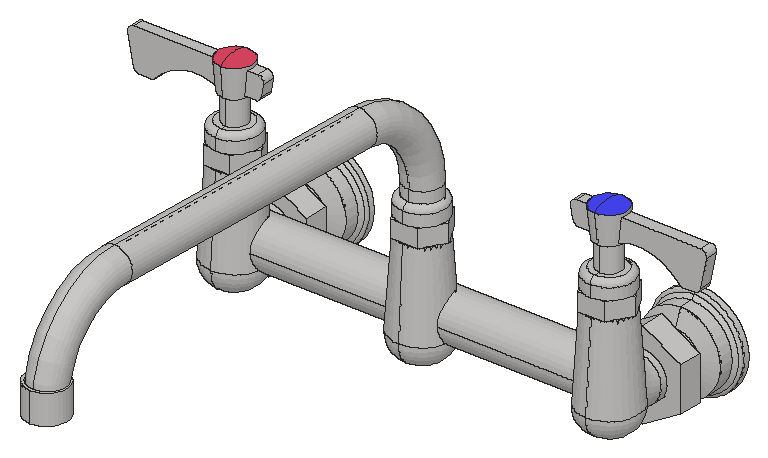
Revit family "Krowne_14-810L_WallMount_Faucet", category Plumbing Fixtures, Revit 2018
Family settings
  Round Connector Dimension = Use Diameter
  Part Type = Normal
  OmniClass Number = 23.40.40.00
  OmniClass Title = Food Service Equipment and Furnishings
  Work Plane-Based = No
  Always vertical = Yes
  Cut with Voids When Loaded = No
  Shared = No
  Room Calculation Point = No
Parameters (values of type "DefaultType")
  Width = 12"
  Weight in Pounds = 5
  Watermarked By = ""
  Waste Water Discharge Temperature [instance] = -459.67 °F
  URL Cutsheet = ""
  URL = "https://krowne.com/"
  Status [instance] = ""
  Specification by User [instance] = ""
  Specification by Manufacturer [instance] = ""
  Serial Number [instance] = ""
  Revision Code [instance] = ""
  Plumbing Remarks [instance] = ""
  Plumbing Connection Type = ""
  NAFEM Spec ID Number [instance] = ""
  Model = "14-810L"
  Masterspec [instance] = ""
  Manufacturer = "Krowne Metal"
  KCLRef = "KCL2C9,,0004c579-0000-0000-0000-000000000307,KR,14-810L ,637099801460000000,0eeb4e4a-aac5-442f-9e25-2cd95dc6bcfe,5f81729c-f818-446e-8261-977e1babccfc"
  KCL SpecSheet URL = "http://kclweb.kclcad.com/imagehandler.ashx?kdoc=14-8xx&R=KR&M=14-810L%20&VC=7&TID=KCLWeb&T=doc"
  Item Number [instance] = "-"
  Installed By [instance] = ""
  Hot Water Temperature = 100 °F
  Hot Water Size = 1/2"
  Hot Water RI Height [instance] = 0"
  Hot Water Minimum Pressure = 0.00 psi
  Hot Water Maximum Pressure = 0.00 psi
  Hot Water Flow = 1.8 GPM
  Hot Water Consumption = 0 GPM
  Hot Water Connection Height = 0"
  Height = 3 15/16"
  Furnished By [instance] = ""
  Foodservice Equipment Identifier = yes
  Description = "Wall Mount Faucet"
  Depth = 1 7/8"
  Cold Water Temperature Recommended = -459.67 °F
  Cold Water Size = 1/2"
  Cold Water RI Height [instance] = 0"
  Cold Water Minimum Pressure = 0.00 psi
  Cold Water Maximum Pressure = 0.00 psi
  Cold Water Flow = 1.8 GPM
  Cold Water Consumption = ""
  Cold Water Connection Height = 0"
  CSI MasterFormat = ""
  Assembly Code = "E1090300"
Reference planes
  plane 1 "BACK": y = 0
  plane 2: z = 0
  plane 3 "LEFT": x = -471.569
  plane 4 "RIGHT": x = -166.769
  plane 5 "TOP": z = 100.013
  plane 6 "CENTER L/R": x = -319.169
  plane 7 "Top of Body": z = 44.45
  plane 8: y = -62.38
  plane 9: z = 166.688
  plane 10: z = 104.775
  plane 11: y = -317.5
Forms (mm)
  Sweep 1, solid, material "QF_Stainless-Polished"
    path origin (-319.169, 0, 0) x (0, 1, 0) y (0, 0, 1)
      loop
        line (-62.38, 44.45) -> (-62.38, 106.055)
        arc (-62.38, 106.055) -> (-74.804, 136.88) -> (-105.133, 150.473) r 44.45
        line (-105.133, 150.473) -> (-271.353, 156.823)
        arc (-271.353, 156.823) -> (-303.875, 144.43) -> (-317.5, 112.405) r 44.45
        line (-317.5, 112.405) -> (-317.5, 104.775)
    profile origin (-319.169, -62.38, 75.253) x (0, -1, 0) y (1, 0, 0)
      loop
        circle (0, 0) r 9.525
      loop
        circle (0, 0) r 6.35
  Extrusion 2, solid, material "QF_Stainless-Polished"
    sketch origin (-319.169, -317.5, 104.775) x (0, -1, 0) y (-1, 0, 0)
      loop
        circle (0, 0) r 9.525
      loop
        circle (0, 0) r 11.113
    from 0 to -15.875
Lines and regions (mm)
  symbolic lines
    curve 1: arc (-319.169, -71.905, 0) -> (-328.694, -62.38, 0) -> (-319.169, -52.855, 0) r 9.525
    curve 2: arc (-319.169, -52.855, 0) -> (-309.644, -62.38, 0) -> (-319.169, -71.905, 0) r 9.525
    curve 3: arc (-328.694, -317.5, 0) -> (-325.905, -324.235, 0) -> (-319.169, -327.025, 0) r 9.525
    curve 4: arc (-319.169, -327.025, 0) -> (-312.434, -324.235, 0) -> (-309.644, -317.5, 0) r 9.525
    curve 5: line (-328.694, -317.5, 0) -> (-328.694, -62.38, 0)
    curve 6: line (-309.644, -62.38, 0) -> (-309.644, -317.5, 0)
Dimensions and locks
  "Width": plane 3 "LEFT" to plane 4 "RIGHT"
  "Height": plane 5 "TOP" to plane 2
  plane 7 "Top of Body" to level = 1 3/4"
  equal spacing: plane 3 "LEFT", plane 6 "CENTER L/R", plane 4 "RIGHT"
  plane 11 to plane 1 "BACK" = 12 1/2"
  plane 10 to plane 5 "TOP" = 3/16"
  plane 9 to plane 5 "TOP" = 2 5/8"
  aligned and locked: level to plane 2
  aligned and locked: plane 8 to Sweep 1 sketch curve
  aligned and locked: Sweep 1 sketch curve to plane 11
  aligned and locked: plane 10 to Sweep 1 sketch curve
Automatic sketch dimensions
  curve 3 to curve 4 = 0"
  plane 11 to curve 5 = 0"
  plane 8 to curve 5 = 0"
  curve 1 to plane 6 "CENTER L/R" = 0"
  plane 8 to curve 6 = 0"
  plane 8 to curve 1 = 0"
  curve 5 to curve 3 = 3/8"
  Sweep 1 sketch curve to Sweep 1 sketch curve = 0"  (x2)
  Sweep 1 sketch curve to plane 6 "CENTER L/R" = 0"
  Sweep 1 sketch curve to profile plane = 0"
  Sweep 1 sketch curve to plane 7 "Top of Body" = 0"
  plane 10 to Sweep 1 sketch curve = 0.3004"
  Sweep 1 sketch curve to plane 9 = 0.38838"
  Sweep 1 sketch curve to Sweep 1 sketch curve = 0.06681"
  plane 10 to Sweep 1 sketch curve = 0.0504"
  Sweep 1 sketch curve to Sweep 1 sketch curve = 1 3/4"
  Sweep 1 sketch curve to plane 9 = 0.63838"
  radius of Extrusion 2 sketch curve to Sweep 1 = 0"
  radius of Sweep 1 to Extrusion 2 sketch curve = 1/16"
  radius of Sweep 1 sketch curve = 3/8"
  radius of Sweep 1 sketch curve = 1/4"
Nested families
  nested 1: "QF_Krowne_14-8_Body" at (-4.763, 0, 0), type "QF_Krowne_14-8_Body"
Connectors
  piping at (-420.769, 6.35, 37.306), diameter 12.7, driven by "Hot Water Flow", driven by "Hot Water Size"
    settings: on nested 1, index 1, connector inside diameter 24", connector length 0", flow factor 0, pipe flow 1.8 GPM, pressure drop 0.00 psi, fitting loss kfactor 0, connector angle 0.00°, fixture units 0, engagement length 0", angle of deflection 0.00°, flow configuration 1, flow direction 1, fitting loss method 0, system type 19, joint type 0, gender type 0, connector reference index -1, connector utility 0, adjustable connector no, is connector primary yes, connector description "HOT WATER"
  piping at (-217.569, 6.35, 37.306), diameter 12.7, driven by "Cold Water Flow", driven by "Cold Water Size"
    settings: on nested 1, index 2, connector inside diameter 24", connector length 0", flow factor 0, pipe flow 1.8 GPM, pressure drop 0.00 psi, fitting loss kfactor 0, connector angle 0.00°, fixture units 0, engagement length 0", angle of deflection 0.00°, flow configuration 1, flow direction 1, fitting loss method 0, system type 20, joint type 0, gender type 0, connector reference index -1, connector utility 0, adjustable connector no, is connector primary no, connector description "COLD WATER"
Definition of nested family "QF_Krowne_14-8_Body"
  Parameters (values of type "QF_Krowne_14-8_Body")
    Width = 12 3/8"
    Watermarked By = ""
    Height = 3 7/8"
    Description = ""
    Depth = 4 15/16"
  Reference planes
    plane 1 "BACK": y = 0
    plane 2: z = 0
    plane 3 "LEFT": x = -471.569
    plane 4 "RIGHT": x = -157.244
    plane 5 "TOP": z = 128.588
    plane 6 "Center": x = -314.407
    plane 7 "Left of Handle": x = -416.007
    plane 8 "Right of Handle": x = -212.807
    plane 9 "Center of Handles": y = -125.412
    plane 10 "Top of Body": z = 74.612
    plane 11: x = -444.582
    plane 12: x = -184.232
    plane 13 "Faucet Handle Center": y = -62.706
    plane 14: y = -59.531
    plane 15: y = -65.881
    plane 16: z = 37.306
  Forms (mm)
    Extrusion 1, solid
      sketch origin (0, 0, 80.962) x (0, 1, 0) y (-1, 0, 0)
        loop
          line (-62.38, 401.719) -> (-50.006, 408.863) -> (-50.006, 423.151) -> (-62.38, 430.294) -> (-74.753, 423.151) -> (-74.753, 408.863) -> (-62.38, 401.719)
        loop
          line (-62.38, 198.519) -> (-50.006, 205.663) -> (-50.006, 219.951) -> (-62.38, 227.094) -> (-74.753, 219.951) -> (-74.753, 205.663) -> (-62.38, 198.519)
        loop
          line (-62.38, 300.119) -> (-50.006, 307.263) -> (-50.006, 321.551) -> (-62.38, 328.694) -> (-74.753, 321.551) -> (-74.753, 307.263) -> (-62.38, 300.119)
      from 0 to 9.525
    Revolve 2, solid
      sketch origin (-416.007, 0, 0) x (0, 1, 0) y (0, 0, 1)
        loop
          line (-62.706, 90.488) -> (-50.006, 90.488) -> (-50.006, 96.838)
          arc (-50.006, 96.838) -> (-50.936, 99.083) -> (-53.181, 100.013) r 3.175
          line (-53.181, 100.013) -> (-62.706, 100.013) -> (-62.706, 90.488)
        axis (-62.706, 90.488) -> (-62.706, 100.013)
      angle from 0 to 360
    Revolve 3, solid
      sketch origin (-212.807, 0, 0) x (0, 1, 0) y (0, 0, 1)
        loop
          line (-62.706, 100.012) -> (-56.356, 100.012) -> (-56.356, 114.3) -> (-62.706, 114.3) -> (-62.706, 100.012)
        axis (-62.706, 100.012) -> (-62.706, 114.3)
      angle from 0 to 360
    Revolve 4, solid
      sketch origin (-416.007, 0, 0) x (0, 1, 0) y (0, 0, 1)
        loop
          line (-62.706, 100.013) -> (-56.356, 100.013) -> (-56.356, 114.3) -> (-62.706, 114.3) -> (-62.706, 100.013)
        axis (-62.706, 100.013) -> (-62.706, 114.3)
      angle from 0 to 360
    Revolve 5, solid
      sketch origin (-416.007, 0, 0) x (0, 1, 0) y (0, 0, 1)
        loop
          line (-62.706, 114.3) -> (-54.769, 114.3) -> (-53.181, 130.175) -> (-62.706, 130.175) -> (-62.706, 114.3)
        axis (-62.706, 114.3) -> (-62.706, 130.175)
      angle from 0 to 360
    Revolve 6, solid
      sketch origin (-212.807, 0, 0) x (0, 1, 0) y (0, 0, 1)
        loop
          line (-62.706, 114.3) -> (-54.769, 114.3) -> (-53.181, 130.175) -> (-62.706, 130.175) -> (-62.706, 114.3)
        axis (-62.706, 114.3) -> (-62.706, 130.175)
      angle from 0 to 360
    Revolve 7, solid
      sketch origin (-416.007, 0, 0) x (0, 1, 0) y (0, 0, 1)
        loop
          line (-62.706, 130.175) -> (-53.181, 130.175)
          arc (-53.181, 130.175) -> (-57.646, 132.655) -> (-62.706, 133.35) r 13.869
          line (-62.706, 133.35) -> (-62.706, 130.175)
        axis (-62.706, 130.175) -> (-62.706, 133.35)
      angle from 0 to 360
    Revolve 8, solid
      sketch origin (-212.807, 0, 0) x (0, 1, 0) y (0, 0, 1)
        loop
          line (-62.706, 130.175) -> (-53.181, 130.175)
          arc (-53.181, 130.175) -> (-57.646, 132.655) -> (-62.706, 133.35) r 13.869
          line (-62.706, 133.35) -> (-62.706, 130.175)
        axis (-62.706, 130.175) -> (-62.706, 133.35)
      angle from 0 to 360
    Extrusion 9, solid
      sketch origin (0, -62.706, 0) x (1, 0, 0) y (0, 0, 1)
        loop
          arc (-468.332, 128.588) -> (-470.787, 127.425) -> (-471.445, 124.79) r 3.175
          line (-471.445, 124.79) -> (-468.27, 108.916)
          arc (-468.27, 108.916) -> (-467.17, 107.083) -> (-465.157, 106.364) r 3.175
          line (-465.157, 106.364) -> (-458.81, 106.364)
          arc (-458.81, 106.364) -> (-457.469, 106.66) -> (-456.379, 107.496) r 3.175
          arc (-456.379, 107.496) -> (-441.832, 116.771) -> (-424.594, 116.065) r 28.792
          arc (-424.594, 116.065) -> (-424.065, 115.925) -> (-423.52, 115.878) r 3.175
          line (-423.52, 115.878) -> (-402.102, 115.878)
          arc (-402.102, 115.878) -> (-400.089, 116.597) -> (-398.988, 118.43) r 3.175
          line (-398.988, 118.43) -> (-397.716, 124.79)
          arc (-397.716, 124.79) -> (-398.374, 127.425) -> (-400.83, 128.588) r 3.175
          line (-400.83, 128.588) -> (-468.332, 128.588)
        loop
          line (-160.482, 128.588) -> (-227.984, 128.588)
          arc (-227.984, 128.588) -> (-230.439, 127.425) -> (-231.097, 124.79) r 3.175
          line (-231.097, 124.79) -> (-229.826, 118.43)
          arc (-229.826, 118.43) -> (-228.725, 116.597) -> (-226.712, 115.878) r 3.175
          line (-226.712, 115.878) -> (-205.294, 115.878)
          arc (-205.294, 115.878) -> (-204.749, 115.925) -> (-204.22, 116.065) r 3.175
          arc (-204.22, 116.065) -> (-186.982, 116.771) -> (-172.435, 107.496) r 28.792
          arc (-172.435, 107.496) -> (-171.345, 106.66) -> (-170.004, 106.364) r 3.175
          line (-170.004, 106.364) -> (-163.657, 106.364)
          arc (-163.657, 106.364) -> (-161.644, 107.083) -> (-160.544, 108.916) r 3.175
          line (-160.544, 108.916) -> (-157.369, 124.79)
          arc (-157.369, 124.79) -> (-158.027, 127.425) -> (-160.482, 128.588) r 3.175
      from -3.175 to 3.175
    Extrusion 10, solid
      sketch origin (0, 0, 0) x (1, 0, 0) y (0, 0, 1)
        loop
          circle (-416.007, 37.306) r 6.35
        loop
          circle (-212.807, 37.306) r 6.35
      from 0 to -6.35
    Revolve 11, solid
      sketch origin (-212.807, 0, 0) x (0, 1, 0) y (0, 0, 1)
        loop
          line (-62.706, 90.488) -> (-50.006, 90.488) -> (-50.006, 96.838)
          arc (-50.006, 96.838) -> (-50.936, 99.083) -> (-53.181, 100.013) r 3.175
          line (-53.181, 100.013) -> (-62.706, 100.013) -> (-62.706, 90.488)
        axis (-62.706, 90.488) -> (-62.706, 100.013)
      angle from 0 to 360
    Revolve 12, solid
      sketch origin (-416.007, 0, 0) x (0, 1, 0) y (0, 0, 1)
        loop
          line (0, 37.306) -> (0, 62.706) -> (-3.175, 62.706)
          arc (-3.175, 62.706) -> (-4.298, 62.241) -> (-4.762, 61.119) r 1.588
          line (-4.762, 61.119) -> (-6.75, 59.131) -> (-14.287, 59.131) -> (-17.462, 50.006) -> (-26.987, 50.006) -> (-26.988, 37.306) -> (0, 37.306)
        axis (0, 37.306) -> (-26.988, 37.306)
      angle from 0 to 360
    Revolve 13, solid
      sketch origin (-212.807, 0, 0) x (0, 1, 0) y (0, 0, 1)
        loop
          line (0, 37.306) -> (0, 62.706) -> (-3.175, 62.706)
          arc (-3.175, 62.706) -> (-4.298, 62.241) -> (-4.762, 61.119) r 1.588
          line (-4.762, 61.119) -> (-6.75, 59.131) -> (-14.287, 59.131) -> (-17.462, 50.006) -> (-26.987, 50.006) -> (-26.988, 37.306) -> (0, 37.306)
        axis (0, 37.306) -> (-26.988, 37.306)
      angle from 0 to 360
    Extrusion 14, solid
      sketch origin (-416.007, -26.988, 37.306) x (0, 0, 1) y (-1, 0, 0)
        loop
          line (11.915, -20.638) -> (23.83, 0) -> (11.915, 20.637) -> (-11.915, 20.637) -> (-23.83, 0) -> (-11.915, -20.637) -> (11.915, -20.638)
        loop
          line (11.915, -223.837) -> (23.83, -203.2) -> (11.915, -182.562) -> (-11.915, -182.562) -> (-23.83, -203.2) -> (-11.915, -223.837) -> (11.915, -223.837)
      from 0 to 12.7
    Sweep 15, solid
      path origin (-416.007, 0, 0) x (0, 1, 0) y (0, 0, 1)
        loop
          line (-26.988, 37.306) -> (-43.656, 37.306)
          arc (-43.656, 37.306) -> (-57.127, 42.886) -> (-62.706, 56.356) r 19.05
          line (-62.706, 56.356) -> (-62.706, 80.962)
      profile origin (-416.007, -35.322, 37.306) x (0, 0, -1) y (1, 0, 0)
        loop
          circle (0, 0) r 12.7
    Sweep 16, solid
      path origin (-212.807, 0, 0) x (0, 1, 0) y (0, 0, 1)
        loop
          line (-26.988, 37.306) -> (-43.656, 37.306)
          arc (-43.656, 37.306) -> (-57.127, 42.886) -> (-62.706, 56.356) r 19.05
          line (-62.706, 56.356) -> (-62.706, 80.962)
      profile origin (-212.807, -35.322, 37.306) x (0, 0, -1) y (1, 0, 0)
        loop
          circle (0, 0) r 12.7
    Extrusion 17, solid
      sketch origin (-416.007, 0, 0) x (0, 1, 0) y (0, 0, 1)
        loop
          circle (-57.127, 42.886) r 12.7
      from 0 to 203.2
    Sweep 18, solid
      path origin (-314.407, 0, 0) x (0, 1, 0) y (0, 0, 1)
        loop
          arc (-56.044, 41.884) -> (-60.961, 48.39) -> (-62.706, 56.356) r 19.05
          line (-62.706, 56.356) -> (-62.706, 80.962)
      profile origin (-314.407, -62.706, 68.659) x (0, -1, 0) y (1, 0, 0)
        loop
          circle (0, 0) r 12.7
    Revolve 19, solid
      sketch origin (-314.407, 0, 0) x (0, 1, 0) y (0, 0, 1)
        loop
          line (-62.706, 90.488) -> (-50.006, 90.488) -> (-50.006, 96.838)
          arc (-50.006, 96.838) -> (-50.936, 99.083) -> (-53.181, 100.013) r 3.175
          line (-53.181, 100.013) -> (-62.706, 100.013) -> (-62.706, 90.488)
        axis (-62.706, 90.488) -> (-62.706, 100.013)
      angle from 0 to 360
    Revolve 20, solid
      sketch origin (-416.007, 0, 0) x (0, 1, 0) y (0, 0, 1)
        loop
          line (-50.006, 80.962) -> (-62.706, 80.962) -> (-62.706, 20.044) -> (-59.365, 20.044)
          arc (-59.365, 20.044) -> (-50.077, 24.083) -> (-46.696, 33.63) r 12.7
          line (-46.696, 33.63) -> (-50.006, 80.962)
        axis (-62.706, 20.044) -> (-62.706, 80.962)
      angle from 0 to 360
    Revolve 21, solid
      sketch origin (-212.807, 0, 0) x (0, 1, 0) y (0, 0, 1)
        loop
          line (-50.006, 80.962) -> (-62.706, 80.962) -> (-62.706, 20.044) -> (-59.365, 20.044)
          arc (-59.365, 20.044) -> (-50.077, 24.083) -> (-46.696, 33.63) r 12.7
          line (-46.696, 33.63) -> (-50.006, 80.962)
        axis (-62.706, 20.044) -> (-62.706, 80.962)
      angle from 0 to 360
    Revolve 22, solid
      sketch origin (-314.407, 0, 0) x (0, 1, 0) y (0, 0, 1)
        loop
          line (-50.006, 80.962) -> (-62.706, 80.962) -> (-62.706, 20.044) -> (-59.365, 20.044)
          arc (-59.365, 20.044) -> (-50.077, 24.083) -> (-46.696, 33.63) r 12.7
          line (-46.696, 33.63) -> (-50.006, 80.962)
        axis (-62.706, 20.044) -> (-62.706, 80.962)
      angle from 0 to 360
  Lines and regions (mm)
    symbolic lines
      curve 1: line (-471.445, -59.531, 74.612) -> (-397.655, -59.531, 74.612)
      curve 2: line (-471.445, -65.881, 74.612) -> (-471.445, -59.531, 74.612)
      curve 3: line (-397.655, -65.881, 74.612) -> (-471.445, -65.881, 74.612)
      curve 4: line (-397.655, -59.531, 74.612) -> (-397.655, -65.881, 74.612)
      curve 5: line (-157.244, -59.531, 74.612) -> (-231.159, -59.531, 74.612)
      curve 6: line (-157.244, -65.881, 74.612) -> (-157.244, -59.531, 74.612)
      curve 7: line (-231.159, -65.881, 74.612) -> (-157.244, -65.881, 74.612)
      curve 8: line (-231.159, -59.531, 74.612) -> (-231.159, -65.881, 74.612)
      curve 9: line (-423.151, -50.333, 74.612) -> (-428.461, -59.531, 74.612)
      curve 10: line (-423.151, -50.333, 74.612) -> (-408.863, -50.333, 74.612)
      curve 11: line (-408.863, -50.333, 74.612) -> (-403.553, -59.531, 74.612)
      curve 12: line (-408.863, -75.08, 74.612) -> (-423.151, -75.08, 74.612)
      curve 13: line (-423.151, -75.08, 74.612) -> (-428.461, -65.881, 74.612)
      curve 14: line (-408.863, -75.08, 74.612) -> (-403.553, -65.881, 74.612)
      curve 15: line (-219.951, -50.333, 74.612) -> (-205.663, -50.333, 74.612)
      curve 16: line (-205.663, -50.333, 74.612) -> (-200.353, -59.531, 74.612)
      curve 17: line (-219.951, -50.333, 74.612) -> (-225.261, -59.531, 74.612)
      curve 18: line (-205.663, -75.08, 74.612) -> (-219.951, -75.08, 74.612)
      curve 19: line (-219.951, -75.08, 74.612) -> (-225.261, -65.881, 74.612)
      curve 20: line (-205.663, -75.08, 74.612) -> (-200.353, -65.881, 74.612)
      curve 21: line (-328.694, -62.38, 74.612) -> (-321.551, -74.753, 74.612)
      curve 22: line (-321.551, -74.753, 74.612) -> (-307.263, -74.753, 74.612)
      curve 23: line (-307.263, -74.753, 74.612) -> (-300.119, -62.38, 74.612)
      curve 24: line (-300.119, -62.38, 74.612) -> (-307.263, -50.006, 74.612)
      curve 25: line (-307.263, -50.006, 74.612) -> (-321.551, -50.006, 74.612)
      curve 26: line (-321.551, -50.006, 74.612) -> (-328.694, -62.38, 74.612)
      curve 27: line (-441.407, 0, 74.612) -> (-390.607, 0, 74.612)
      curve 28: line (-441.407, 0, 74.612) -> (-441.407, -3.175, 74.612)
      curve 29: line (-437.831, -6.75, 74.612) -> (-439.819, -4.763, 74.612)
      curve 30: arc (-439.819, -4.763, 74.612) -> (-440.942, -4.298, 74.612) -> (-441.407, -3.175, 74.612) r 1.588
      curve 31: line (-437.831, -6.75, 74.612) -> (-437.831, -14.288, 74.612)
      curve 32: line (-437.831, -14.288, 74.612) -> (-428.707, -17.463, 74.612)
      curve 33: line (-428.707, -17.463, 74.612) -> (-428.707, -26.987, 74.612)
      curve 34: line (-428.707, -26.987, 74.612) -> (-436.644, -26.987, 74.612)
      curve 35: line (-436.644, -26.987, 74.612) -> (-436.644, -39.688, 74.612)
      curve 36: line (-436.644, -39.688, 74.612) -> (-428.719, -39.687, 74.612)
      curve 37: line (-428.719, -39.687, 74.612) -> (-428.719, -59.531, 74.612)
      curve 38: line (-390.607, 0, 74.612) -> (-390.607, -3.175, 74.612)
      curve 39: line (-394.182, -6.75, 74.612) -> (-392.194, -4.763, 74.612)
      curve 40: arc (-392.194, -4.763, 74.612) -> (-391.072, -4.298, 74.612) -> (-390.607, -3.175, 74.612) r 1.588
      curve 41: line (-394.182, -6.75, 74.612) -> (-394.182, -14.288, 74.612)
      curve 42: line (-394.182, -14.288, 74.612) -> (-403.307, -17.463, 74.612)
      curve 43: line (-403.307, -17.463, 74.612) -> (-403.307, -26.987, 74.612)
      curve 44: line (-403.307, -26.987, 74.612) -> (-395.369, -26.987, 74.612)
      curve 45: line (-395.369, -26.987, 74.612) -> (-395.369, -39.688, 74.612)
      curve 46: line (-395.369, -39.688, 74.612) -> (-403.295, -39.687, 74.612)
      curve 47: line (-403.295, -39.687, 74.612) -> (-403.295, -59.531, 74.612)
      curve 48: line (-205.663, -50.333, 74.612) -> (-219.951, -50.333, 74.612)
      curve 49: line (-187.407, 0, 74.612) -> (-238.207, 0, 74.612)
      curve 50: line (-187.407, 0, 74.612) -> (-187.407, -3.175, 74.612)
      curve 51: line (-190.982, -6.75, 74.612) -> (-188.994, -4.763, 74.612)
      curve 52: arc (-188.994, -4.763, 74.612) -> (-187.872, -4.298, 74.612) -> (-187.407, -3.175, 74.612) r 1.588
      curve 53: line (-190.982, -6.75, 74.612) -> (-190.982, -14.288, 74.612)
      curve 54: line (-190.982, -14.288, 74.612) -> (-200.107, -17.463, 74.612)
      curve 55: line (-200.107, -17.463, 74.612) -> (-200.107, -26.987, 74.612)
      curve 56: line (-200.107, -26.987, 74.612) -> (-192.169, -26.987, 74.612)
      curve 57: line (-192.169, -26.987, 74.612) -> (-192.169, -39.688, 74.612)
      curve 58: line (-192.169, -39.688, 74.612) -> (-200.095, -39.687, 74.612)
      curve 59: line (-200.095, -39.687, 74.612) -> (-200.095, -59.531, 74.612)
      curve 60: line (-238.207, 0, 74.612) -> (-238.207, -3.175, 74.612)
      curve 61: line (-234.631, -6.75, 74.612) -> (-236.619, -4.763, 74.612)
      curve 62: arc (-236.619, -4.763, 74.612) -> (-237.742, -4.298, 74.612) -> (-238.207, -3.175, 74.612) r 1.588
      curve 63: line (-234.631, -6.75, 74.612) -> (-234.631, -14.288, 74.612)
      curve 64: line (-234.631, -14.288, 74.612) -> (-225.507, -17.463, 74.612)
      curve 65: line (-225.507, -17.463, 74.612) -> (-225.507, -26.987, 74.612)
      curve 66: line (-225.507, -26.987, 74.612) -> (-233.444, -26.987, 74.612)
      curve 67: line (-233.444, -26.987, 74.612) -> (-233.444, -39.688, 74.612)
      curve 68: line (-233.444, -39.688, 74.612) -> (-225.519, -39.687, 74.612)
      curve 69: line (-225.519, -39.687, 74.612) -> (-225.519, -59.531, 74.612)
      curve 70: line (-403.295, -44.504, 74.612) -> (-225.519, -44.504, 74.612)
      curve 71: line (-405.528, -69.303, 74.612) -> (-324.697, -69.303, 74.612)
      curve 72: line (-303.555, -69.303, 74.612) -> (-223.286, -69.303, 74.612)
  Dimensions and locks
    "Width": plane 3 "LEFT" to plane 4 "RIGHT"
    equal spacing: plane 3 "LEFT", plane 6 "Center", plane 4 "RIGHT"
    "Depth": plane 9 "Center of Handles" to plane 1 "BACK"
    plane 10 "Top of Body" to level = 2 15/16"
    equal spacing: plane 10 "Top of Body", plane 16, level
    locked: plane 3 "LEFT" to plane 11 at 26.988
    locked: plane 12 to plane 4 "RIGHT" at 26.988
    locked: plane 8 "Right of Handle" to plane 12 at 28.575
    locked: plane 11 to plane 7 "Left of Handle" at 28.575
    locked: plane 5 "TOP" to plane 10 "Top of Body" at 53.975
    equal spacing: plane 15, plane 13 "Faucet Handle Center", plane 14, locked at 3.175 each
    plane 15 to plane 14 = 1/4"
    equal spacing: plane 9 "Center of Handles", plane 13 "Faucet Handle Center", plane 1 "BACK"
    aligned and locked: level to plane 2
    aligned and locked: Revolve 5 sketch curve to Revolve 5 sketch curve
    aligned and locked: Revolve 6 sketch curve to Revolve 6 sketch curve
    aligned and locked: Extrusion 9 sketch curve to plane 5 "TOP"
    aligned and locked: plane 5 "TOP" to Extrusion 9 sketch curve
    aligned and locked: Extrusion 9 to plane 14
    aligned and locked: curve 1 to Extrusion 9
    aligned and locked: curve 2 to Extrusion 9
    aligned and locked: curve 3 to Extrusion 9
    aligned and locked: curve 5 to Extrusion 9
    aligned and locked: Extrusion 9 to curve 7
    aligned and locked: plane 4 "RIGHT" to curve 6
    aligned and locked: Revolve 11 sketch curve to plane 13 "Faucet Handle Center"
    aligned and locked: plane 8 "Right of Handle" to Extrusion 17
    aligned and locked: plane 13 "Faucet Handle Center" to Revolve 20 sketch curve
  Automatic sketch dimensions
    Revolve 2 sketch curve to plane 13 "Faucet Handle Center" = 0"  (x2)
    Revolve 2 sketch curve to Revolve 2 sketch curve = 3/8"
    Revolve 2 sketch curve to Revolve 2 sketch curve = 1/8"
    plane 10 "Top of Body" to Revolve 2 sketch curve = 5/8"
    Revolve 2 sketch curve to Revolve 2 sketch curve = 1/4"
    Revolve 2 sketch curve to Revolve 2 sketch curve = 0"  (x2)
    Revolve 3 sketch curve to plane 13 "Faucet Handle Center" = 0"  (x2)
    Revolve 3 sketch curve to plane 13 "Faucet Handle Center" = 1/4"
    plane 10 "Top of Body" to Revolve 3 sketch curve = 1"
    Revolve 3 sketch curve to Revolve 3 sketch curve = 9/16"
    Revolve 3 sketch curve to Revolve 3 sketch curve = 3/8"
    Revolve 3 sketch curve to Revolve 3 sketch curve = 0"
    Revolve 4 sketch curve to plane 13 "Faucet Handle Center" = 0"  (x2)
    Revolve 4 sketch curve to Revolve 4 sketch curve = 1/4"
    plane 10 "Top of Body" to Revolve 4 sketch curve = 1"
    Revolve 4 sketch curve to Revolve 4 sketch curve = 9/16"
    Revolve 4 sketch curve to Revolve 4 sketch curve = 3/8"
    Revolve 4 sketch curve to Revolve 4 sketch curve = 0"
    Revolve 5 sketch curve to plane 13 "Faucet Handle Center" = 0"
    Revolve 5 sketch curve to Revolve 5 sketch curve = 5/16"
    plane 5 "TOP" to Revolve 5 sketch curve = 1/16"
    Revolve 5 sketch curve to Revolve 5 sketch curve = 3/8"
    Revolve 5 sketch curve to plane 5 "TOP" = 9/16"
    Revolve 5 sketch curve to Revolve 5 sketch curve = 0"  (x2)
    Revolve 6 sketch curve to plane 13 "Faucet Handle Center" = 0"
    Revolve 6 sketch curve to plane 13 "Faucet Handle Center" = 5/16"
    plane 5 "TOP" to Revolve 6 sketch curve = 1/16"
    Revolve 6 sketch curve to plane 13 "Faucet Handle Center" = 3/8"
    Revolve 6 sketch curve to plane 5 "TOP" = 9/16"
    Revolve 6 sketch curve to Revolve 6 sketch curve = 0"  (x2)
    Revolve 7 sketch curve to plane 13 "Faucet Handle Center" = 0"  (x2)
    Revolve 7 sketch curve to plane 13 "Faucet Handle Center" = 0.02655"
    plane 5 "TOP" to Revolve 7 sketch curve = 1/16"
    Revolve 7 sketch curve to Revolve 7 sketch curve = 3/8"
    Revolve 7 sketch curve to plane 5 "TOP" = 0.35786"
    Revolve 7 sketch curve to Revolve 7 sketch curve = 0"  (x2)
    Revolve 8 sketch curve to plane 13 "Faucet Handle Center" = 0"  (x2)
    Revolve 8 sketch curve to plane 13 "Faucet Handle Center" = 0.02655"
    plane 5 "TOP" to Revolve 8 sketch curve = 1/16"
    Revolve 8 sketch curve to Revolve 8 sketch curve = 3/8"
    Revolve 8 sketch curve to plane 5 "TOP" = 0.35786"
    Revolve 8 sketch curve to Revolve 8 sketch curve = 0"  (x2)
    Revolve 12 sketch curve to plane 9 "Center of Handles" = 0"
    Revolve 12 sketch curve to plane 16 = 0"  (x2)
    Revolve 12 sketch curve to plane 1 "BACK" = 0"  (x2)
    plane 16 to Revolve 12 sketch curve = 1/2"
    plane 1 "BACK" to Revolve 12 sketch curve = 1 1/16"
    Revolve 12 sketch curve to Revolve 12 sketch curve = 3/8"
    Revolve 12 sketch curve to Revolve 12 sketch curve = 1/8"
    plane 1 "BACK" to Revolve 12 sketch curve = 0.26577"
    Revolve 12 sketch curve to Revolve 12 sketch curve = 0.07827"  (x2)
    Revolve 12 sketch curve to Revolve 12 sketch curve = 1/16"
    Revolve 12 sketch curve to Revolve 12 sketch curve = 0.35923"
    Revolve 13 sketch curve to plane 9 "Center of Handles" = 0"
    Revolve 13 sketch curve to plane 16 = 0"  (x2)
    Revolve 13 sketch curve to plane 1 "BACK" = 0"  (x2)
    Revolve 13 sketch curve to Revolve 13 sketch curve = 1 1/16"
    Revolve 13 sketch curve to Revolve 13 sketch curve = 3/8"
    Revolve 13 sketch curve to Revolve 13 sketch curve = 1/8"
    plane 1 "BACK" to Revolve 13 sketch curve = 0.26577"
    Revolve 13 sketch curve to Revolve 13 sketch curve = 0.07827"  (x2)
    Revolve 13 sketch curve to Revolve 13 sketch curve = 1/16"
    plane 16 to Revolve 13 sketch curve = 1/2"
    Revolve 13 sketch curve to Revolve 13 sketch curve = 0.35923"
    Revolve 12 to Extrusion 14 sketch curve = 0"
    Extrusion 14 sketch curve to Revolve 12 = 0"
    Revolve 12 to Extrusion 14 sketch curve = 8"  (x2)
    Extrusion 14 sketch curve to Extrusion 14 sketch curve = 0"
    Extrusion 14 sketch curve to Extrusion 14 sketch curve = 0.4691"  (x6)
    Extrusion 14 sketch curve to Extrusion 14 sketch curve = 0.93819"  (x4)
    Revolve 12 to Extrusion 14 sketch curve = 7 3/16"
    Revolve 12 to Extrusion 14 sketch curve = 8 13/16"
    Revolve 12 to Extrusion 14 sketch curve = 13/16"
    Extrusion 14 sketch curve to Revolve 12 = 13/16"
    plane 15 to Extrusion 1 sketch curve = 0.34928"  (x3)
    Extrusion 1 sketch curve to plane 13 "Faucet Handle Center" = 0.01286"  (x6)
    Extrusion 1 sketch curve to plane 14 = 3/8"  (x3)
    plane 8 "Right of Handle" to Extrusion 1 sketch curve = 9/16"
    plane 8 "Right of Handle" to Extrusion 1 sketch curve = 9/32"  (x2)
    Extrusion 1 sketch curve to plane 8 "Right of Handle" = 9/32"  (x2)
    Extrusion 1 sketch curve to plane 8 "Right of Handle" = 9/16"
    plane 6 "Center" to Extrusion 1 sketch curve = 9/16"
    plane 6 "Center" to Extrusion 1 sketch curve = 9/32"  (x2)
    Extrusion 1 sketch curve to plane 6 "Center" = 9/32"  (x2)
    Extrusion 1 sketch curve to Extrusion 1 sketch curve = 9/32"  (x2)
    plane 7 "Left of Handle" to Extrusion 1 sketch curve = 9/16"
    plane 7 "Left of Handle" to Extrusion 1 sketch curve = 9/32"  (x2)
    Extrusion 1 sketch curve to plane 7 "Left of Handle" = 9/32"  (x2)
    plane 3 "LEFT" to Extrusion 9 sketch curve = 0.0049"
    Extrusion 9 sketch curve to Extrusion 9 sketch curve = 0.12257"  (x5)
    plane 3 "LEFT" to Extrusion 9 sketch curve = 0.12989"
    Extrusion 9 sketch curve to Extrusion 9 sketch curve = 0.24989"  (x2)
    plane 11 to Extrusion 9 sketch curve = 0.40333"
    Extrusion 9 sketch curve to plane 7 "Left of Handle" = 0.29578"
    plane 7 "Left of Handle" to Extrusion 9 sketch curve = 0.54745"
    Extrusion 9 sketch curve to plane 5 "TOP" = 1/8"  (x2)
    Extrusion 9 sketch curve to Extrusion 9 sketch curve = 0.05007"  (x2)
    Extrusion 9 sketch curve to plane 5 "TOP" = 0.39989"
    Extrusion 9 sketch curve to plane 5 "TOP" = 0.14951"  (x4)
    Extrusion 9 sketch curve to plane 8 "Right of Handle" = 0.7201"
    plane 8 "Right of Handle" to Extrusion 9 sketch curve = 0.29578"
    Extrusion 9 sketch curve to plane 12 = 0.40333"
    Extrusion 9 sketch curve to plane 4 "RIGHT" = 0.50235"
    Extrusion 9 sketch curve to plane 4 "RIGHT" = 0.12748"
    Extrusion 9 sketch curve to plane 4 "RIGHT" = 0.0049"
    Extrusion 9 sketch curve to Extrusion 9 sketch curve = 0.25038"
    Extrusion 9 sketch curve to plane 5 "TOP" = 0.50038"
    Extrusion 9 sketch curve to Extrusion 9 sketch curve = 0.10049"
    Extrusion 9 sketch curve to plane 5 "TOP" = 0.74996"  (x2)
    Extrusion 9 sketch curve to Extrusion 9 sketch curve = 0"  (x4)
    Extrusion 9 sketch curve to Extrusion 9 sketch curve = 0.02451"  (x2)
    plane 10 "Top of Body" to Extrusion 9 sketch curve = 0.56533"  (x2)
    Extrusion 9 sketch curve to Extrusion 9 sketch curve = 1/8"  (x2)
    Extrusion 10 sketch curve to plane 7 "Left of Handle" = 0"
    Extrusion 10 sketch curve to plane 8 "Right of Handle" = 0"
    Extrusion 10 sketch curve to plane 16 = 0"  (x2)
    Revolve 11 sketch curve to plane 13 "Faucet Handle Center" = 0"
    Revolve 11 sketch curve to plane 14 = 1/4"
    Revolve 11 sketch curve to Revolve 11 sketch curve = 1/8"
    plane 10 "Top of Body" to Revolve 11 sketch curve = 5/8"
    Revolve 11 sketch curve to Revolve 11 sketch curve = 1/4"
    Revolve 11 sketch curve to Revolve 11 sketch curve = 0"  (x2)
    Sweep 15 sketch curve to plane 13 "Faucet Handle Center" = 0"
    Sweep 15 sketch curve to plane 16 = 0"
    Sweep 15 sketch curve to plane 14 = 5/8"
    Sweep 15 sketch curve to Sweep 15 sketch curve = 21/32"
    plane 10 "Top of Body" to Sweep 15 sketch curve = 1/4"
    Sweep 15 sketch curve to plane 7 "Left of Handle" = 0"
    Sweep 15 sketch curve to profile plane = 0"
    Sweep 16 sketch curve to plane 13 "Faucet Handle Center" = 0"
    Sweep 16 sketch curve to plane 16 = 0"
    Sweep 16 sketch curve to plane 14 = 5/8"
    Sweep 16 sketch curve to Sweep 16 sketch curve = 21/32"
    plane 10 "Top of Body" to Sweep 16 sketch curve = 1/4"
    Sweep 16 sketch curve to plane 8 "Right of Handle" = 0"
    Sweep 16 sketch curve to profile plane = 0"
    Extrusion 17 sketch curve to plane 14 = 0.09467"
    plane 16 to Extrusion 17 sketch curve = 0.21967"
    Sweep 18 sketch curve to plane 13 "Faucet Handle Center" = 0"
    Sweep 18 sketch curve to plane 14 = 5/8"
    Sweep 18 sketch curve to plane 10 "Top of Body" = 23/32"
    Sweep 18 sketch curve to plane 14 = 0.1373"
    plane 10 "Top of Body" to Sweep 18 sketch curve = 1/4"
    Sweep 18 sketch curve to plane 6 "Center" = 0"
    Sweep 18 sketch curve to profile plane = 0"
    Revolve 19 sketch curve to plane 13 "Faucet Handle Center" = 0"  (x2)
    Revolve 19 sketch curve to plane 14 = 1/4"
    Revolve 19 sketch curve to Revolve 19 sketch curve = 1/8"
    plane 10 "Top of Body" to Revolve 19 sketch curve = 5/8"
    Revolve 19 sketch curve to Revolve 19 sketch curve = 1/4"
    Revolve 19 sketch curve to Revolve 19 sketch curve = 0"  (x2)
    plane 1 "BACK" to curve 27 = 0"
    plane 1 "BACK" to curve 49 = 0"
    plane 15 to curve 21 = 0.34928"
    plane 15 to curve 12 = 0.36214"
    curve 23 to plane 13 "Faucet Handle Center" = 0.01286"
    curve 21 to plane 13 "Faucet Handle Center" = 0.01286"
    curve 9 to plane 14 = 0.36214"
    curve 17 to plane 14 = 0.36214"
    curve 25 to plane 14 = 3/8"
    curve 15 to curve 67 = 0.41911"
    curve 10 to curve 47 = 0.41911"
    curve 57 to plane 12 = 5/16"
    curve 15 to curve 57 = 0.41911"
    plane 11 to curve 35 = 5/16"
    curve 9 to curve 35 = 0.41911"
    curve 68 to curve 66 = 1/2"
    curve 57 to curve 57 = 1/2"
    curve 46 to curve 43 = 1/2"
    curve 36 to curve 33 = 1/2"
    curve 65 to curve 65 = 3/8"
    curve 55 to curve 54 = 3/8"
    curve 33 to curve 33 = 3/8"
    curve 43 to curve 42 = 3/8"
    curve 64 to curve 63 = 1/8"
    plane 11 to curve 32 = 0.26577"
    curve 32 to curve 32 = 1/8"
    curve 42 to curve 42 = 1/8"
    curve 54 to curve 53 = 1/8"
    plane 1 "BACK" to curve 63 = 0.26577"
    plane 1 "BACK" to curve 41 = 0.26577"
    plane 1 "BACK" to curve 51 = 0.26577"
    plane 1 "BACK" to curve 31 = 0.26577"
    curve 51 to curve 51 = 0.07827"
    curve 29 to curve 29 = 0.07827"
    curve 61 to curve 61 = 0.07827"  (x2)
    curve 39 to curve 39 = 0.07827"
    curve 62 to curve 62 = 1/16"
    curve 39 to curve 38 = 1/16"
    curve 52 to curve 52 = 1/16"
    curve 29 to curve 30 = 1/16"
    curve 50 to plane 12 = 1/8"
    curve 53 to plane 12 = 0.26577"
    curve 57 to curve 58 = 0.31203"
    curve 53 to curve 55 = 0.35923"
    plane 8 "Right of Handle" to curve 15 = 9/32"
    plane 8 "Right of Handle" to curve 18 = 9/32"
    curve 15 to plane 8 "Right of Handle" = 9/32"
    curve 18 to plane 8 "Right of Handle" = 9/32"
    curve 66 to plane 8 "Right of Handle" = 1/2"
    curve 15 to curve 68 = 0.21922"
    curve 69 to curve 8 = 0.22206"
    curve 65 to curve 66 = 5/16"
    curve 64 to curve 63 = 0.35923"
    plane 6 "Center" to curve 24 = 9/16"
    plane 6 "Center" to curve 23 = 9/32"
    plane 6 "Center" to curve 24 = 9/32"
    curve 26 to plane 6 "Center" = 9/32"
    curve 21 to plane 6 "Center" = 9/32"
    curve 21 to curve 21 = 9/32"
    plane 7 "Left of Handle" to curve 27 = 1"
    curve 40 to curve 39 = 0.07827"
    plane 7 "Left of Handle" to curve 45 = 13/16"
    plane 7 "Left of Handle" to curve 4 = 0.72253"
    curve 45 to curve 47 = 0.31203"
    curve 41 to curve 43 = 0.35923"
    plane 7 "Left of Handle" to curve 10 = 9/32"
    plane 7 "Left of Handle" to curve 12 = 9/32"
    curve 12 to plane 7 "Left of Handle" = 9/32"
    curve 10 to plane 7 "Left of Handle" = 9/32"
    curve 33 to curve 31 = 0.35923"
    curve 36 to curve 35 = 0.31203"
    curve 29 to curve 30 = 0.07827"
    plane 15 to curve 72 = 0.13473"
    plane 15 to curve 71 = 0.13473"
    curve 70 to curve 46 = 0.18961"
    curve 59 to curve 20 = 0.01014"
    curve 59 to curve 16 = 0.01014"
    curve 18 to curve 72 = 0.1313"
    curve 17 to curve 69 = 0.01014"
    curve 72 to curve 19 = 0.07779"
    curve 72 to curve 22 = 0.146"
    curve 3 to curve 14 = 0.2322"
    curve 47 to curve 11 = 0.01014"
    curve 13 to curve 37 = 0.01014"
    curve 9 to curve 37 = 0.01014"
    Revolve 20 sketch curve to plane 13 "Faucet Handle Center" = 0"
    Revolve 20 sketch curve to plane 14 = 0.00653"
    Revolve 20 sketch curve to plane 14 = 3/8"
    Revolve 20 sketch curve to plane 16 = 0.14474"
    Revolve 20 sketch curve to Revolve 20 sketch curve = 0.49878"
    Revolve 20 sketch curve to plane 16 = 0.17962"
    plane 10 "Top of Body" to Revolve 20 sketch curve = 1/4"
    level to Revolve 20 sketch curve = 0.38545"
    Revolve 20 sketch curve to Revolve 20 sketch curve = 0.07103"
    Revolve 21 sketch curve to plane 13 "Faucet Handle Center" = 0"  (x2)
    Revolve 21 sketch curve to plane 14 = 0.00653"
    Revolve 21 sketch curve to plane 14 = 3/8"
    Revolve 21 sketch curve to plane 16 = 0.14474"
    Revolve 21 sketch curve to Revolve 21 sketch curve = 0.49878"
    Revolve 21 sketch curve to plane 16 = 0.17962"
    plane 10 "Top of Body" to Revolve 21 sketch curve = 1/4"
    level to Revolve 21 sketch curve = 0.38545"
    Revolve 21 sketch curve to Revolve 21 sketch curve = 0.07103"
    Revolve 22 sketch curve to plane 13 "Faucet Handle Center" = 0"  (x2)
    Revolve 22 sketch curve to plane 14 = 0.00653"
    Revolve 22 sketch curve to plane 14 = 3/8"
    Revolve 22 sketch curve to plane 16 = 0.14474"
    Revolve 22 sketch curve to Revolve 22 sketch curve = 0.49878"
    Revolve 22 sketch curve to plane 16 = 0.17962"
    plane 10 "Top of Body" to Revolve 22 sketch curve = 1/4"
    level to Revolve 22 sketch curve = 0.38545"
    Revolve 22 sketch curve to Revolve 22 sketch curve = 0.07103"
    radius of Extrusion 10 sketch curve = 1/4"  (x2)
    radius of Sweep 15 sketch curve = 1/2"
    radius of Sweep 16 sketch curve = 1/2"
    radius of Extrusion 17 sketch curve = 1/2"
    radius of Sweep 18 sketch curve = 1/2"
